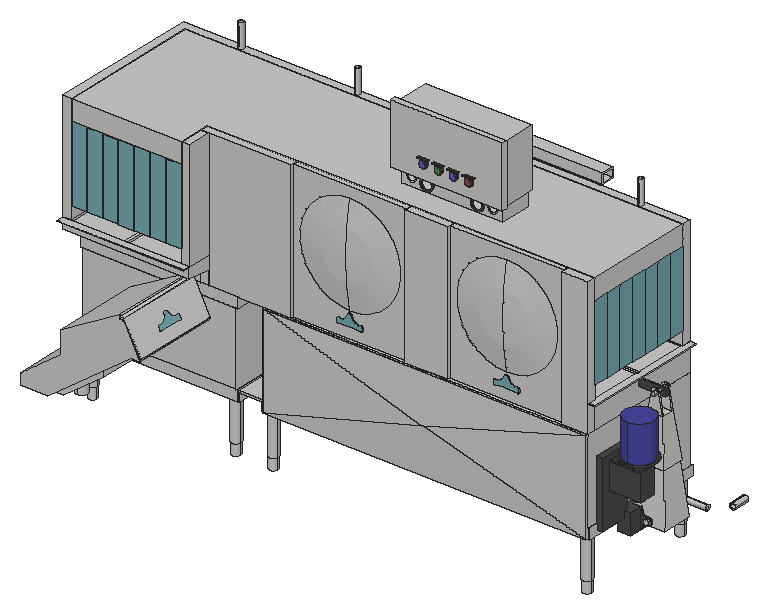
Revit family (continued)
Lines and regions (in)
  symbolic lines, visible <- "Left Vent"
    curve 62: line (-33.58127, -80.81996, 10) -> (-8.70627, -80.81996, 10)
  symbolic lines, style "QF_Clearances", visible <- "Left Vent"
    curve 63: line (-34.64377, -77.75746, 0) -> (-34.64377, -87.75746, 0)
  symbolic lines, style "QF_Surface Details"
    curve 64: line (21.3063, -57.35354, 52.4375) -> (50.3063, -57.35354, 52.4375)
    curve 65: line (50.3063, -57.35354, 52.4375) -> (45.8063, -54.85915, 52.4375)
    curve 66: line (50.3063, -57.35354, 52.4375) -> (45.8063, -59.84793, 52.4375)
Dimensions and locks (in)
  "Depth": plane 6 "FRONT" to plane 3 "BACK"
  locked: plane 2 "Left of Main Body" to plane 7 "Left of Top" at 0.25
  locked: plane 8 "Right of Top" to plane 5 "RIGHT" at 0.25
  locked: plane 8 "Right of Top" to plane 9 "Right of Ledge" at 1.5
  locked: plane 12 "Bottom of Machine" to level at 10
  "Table Height": plane 13 "Table Height" to level
  "Machine Height": plane 14 "Top of Machine" to level
  "Total Height": plane 4 "TOP" to level
  locked: plane 16 to plane 12 "Bottom of Machine" at 2
  locked: plane 13 "Table Height" to plane 15 "Panel Top" at 5.5
  locked: plane 6 "FRONT" to plane 17 at 0.5
  locked: plane 3 "BACK" to plane 18 at 0.5
  locked: plane 19 to plane 2 "Left of Main Body" at 0.25
  locked: plane 5 "RIGHT" to plane 20 at 0.25
  locked: plane 3 "BACK" to plane 21 at 1.625
  locked: plane 6 "FRONT" to plane 22 at 1.625
  equal spacing: plane 2 "Left of Main Body", plane 23 "Door Center", plane 5 "RIGHT"
  "Single Door Opening": plane 24 to plane 25
  locked: plane 14 "Top of Machine" to plane 26 "Top of Opening" at 4
  locked: plane 23 "Door Center" to Blend 6 sketch curve at 0.03125  (x2)
  locked: Extrusion 9 sketch curve to plane 22 at 1.125
  locked: plane 27 to level at 2.25
  plane 19 to Extrusion 10 sketch curve = 0' - 1 1/4"
  plane 18 to Extrusion 10 sketch curve = 0' - 1 1/2"
  locked: plane 18 to Extrusion 11 sketch curve at 1.5
  locked: plane 19 to Extrusion 11 sketch curve at 1.25
  locked: plane 18 to Extrusion 12 sketch curve at 1.5
  locked: Extrusion 12 sketch curve to plane 20 at 1.25
  locked: Extrusion 13 sketch curve to plane 20 at 1.25
  locked: plane 18 to Extrusion 13 sketch curve at 1.5
  locked: Extrusion 16 sketch curve to plane 20 at 1.25
  locked: Extrusion 16 sketch curve to plane 17 at 1.5
  locked: Extrusion 17 sketch curve to plane 20 at 1.25
  locked: Extrusion 17 sketch curve to plane 17 at 1.5
  locked: Extrusion 14 sketch curve to plane 17 at 1.5
  locked: plane 19 to Extrusion 14 sketch curve at 1.25
  locked: Extrusion 15 sketch curve to plane 17 at 1.5
  locked: plane 19 to Extrusion 15 sketch curve at 1.25
  plane 32 "Front of Lower Panel" to plane 6 "FRONT" = 0' - 6 1/2"
  locked: plane 33 to plane 32 "Front of Lower Panel" at 6
  locked: plane 34 to plane 6 "FRONT" at 6
  locked: plane 35 "Back of Panel" to plane 34 at 7
  locked: plane 34 to plane 36 "Front of Upper Panel" at 1
  locked: Extrusion 22 sketch curve to plane 28 at 5
  locked: Extrusion 22 sketch curve to plane 14 "Top of Machine" at 1.5
  locked: Extrusion 23 sketch curve to plane 28 at 2
  locked: Extrusion 23 sketch curve to plane 14 "Top of Machine" at 1.75
  locked: Extrusion 26 sketch curve to plane 29 at 5
  locked: Extrusion 26 sketch curve to plane 14 "Top of Machine" at 1.5
  locked: Extrusion 27 sketch curve to plane 29 at 2
  locked: Extrusion 27 sketch curve to plane 14 "Top of Machine" at 1.75
  Extrusion 34 sketch curve to plane 30 = 1' - 3 1/2"
  locked: Extrusion 36 sketch curve to plane 15 "Panel Top" at 4.12493
  locked: plane 39 to plane 10 "Right End Cowl" at 0.125
  locked: plane 11 to plane 40 at 3.875
  locked: plane 41 to plane 42 at 24.875
  locked: plane 42 to plane 6 "FRONT" at 0.0625
  plane 43 "Top of Vents" to plane 14 "Top of Machine" = 0' - 4"
  locked: Extrusion 41 sketch curve to plane 5 "RIGHT" at 1.375
  plane 5 "RIGHT" to Extrusion 43 sketch curve = 0' - 6 1/4"
  plane 5 "RIGHT" to Extrusion 46 sketch curve = 0' - 6 1/4"
  plane 5 "RIGHT" to Extrusion 47 sketch curve = 0' - 6 1/4"
  plane 5 "RIGHT" to Blend 45 sketch curve = 0' - 6 1/4"
  locked: Extrusion 58 sketch curve to plane 3 "BACK" at 0.75
  locked: plane 47 to plane 14 "Top of Machine" at 2
  locked: plane 46 to plane 3 "BACK" at 3
  Extrusion 61 sketch curve to plane 14 "Top of Machine" = 1' - 1"
  locked: plane 31 to Extrusion 61 sketch curve at 1
  Extrusion 62 sketch curve to plane 3 "BACK" = 0' - 3"
  locked: plane 48 to plane 3 "BACK" at 5
  locked: plane 49 to plane 14 "Top of Machine" at 29
  "Single Door Opening": plane 50 to plane 51
  locked: Extrusion 58 sketch curve to plane 5 "RIGHT" at 9
  locked: Extrusion 71 sketch curve to plane 3 "BACK" at 0.75
  locked: plane 40 to plane 39 at 2.9375
  locked: plane 5 "RIGHT" to plane 10 "Right End Cowl" at 10
  locked: plane 51 to plane 5 "RIGHT" at 5.25
  locked: plane 2 "Left of Main Body" to plane 24 at 5.25
  locked: plane 24 to plane 52 at 0.25
  locked: plane 53 to plane 25 at 0.125
  locked: plane 54 to plane 25 at 1.4375
  locked: plane 50 to plane 55 at 0.125
  locked: plane 50 to plane 56 at 1.4375
  locked: plane 57 to plane 51 at 0.25
  locked: plane 58 "LEFT" to plane 2 "Left of Main Body" at 36
  plane 58 "LEFT" to plane 5 "RIGHT" = 8' - 4"
  locked: plane 61 to plane 60 at 1.5
  locked: plane 62 to plane 60 at 0.1875
  locked: plane 60 to plane 65 at 10
  locked: plane 60 to plane 63 at 3.0625
  locked: plane 64 to plane 63 at 3.875
  locked: plane 65 to plane 66 at 0.125
  locked: plane 59 to plane 67 at 1.625
  locked: plane 59 to plane 69 at 10.125
  locked: plane 69 to plane 70 at 4
  locked: plane 59 to plane 72 at 5.5
  locked: plane 73 to plane 59 at 1
  Extrusion 62 sketch curve to plane 5 "RIGHT" = 0' - 5"
  plane 59 to Extrusion 71 sketch curve = 2' - 11.00274"
  plane 74 "Drain" to plane 3 "BACK" = 0' - 3"
  locked: plane 75 to plane 76 at 5
  locked: plane 5 "RIGHT" to plane 75 at 6
  locked: plane 77 to level at 8
  plane 68 to plane 3 "BACK" = 3' - 7"
  aligned and locked: level to plane 1
  aligned and locked: Extrusion 1 sketch curve to plane 18
  aligned and locked: Extrusion 1 sketch curve to plane 19
  aligned and locked: plane 20 to Extrusion 1 sketch curve
  aligned and locked: Extrusion 1 to plane 12 "Bottom of Machine"
  aligned and locked: plane 16 to Extrusion 1
  aligned and locked: plane 2 "Left of Main Body" to Extrusion 2 sketch curve
  aligned and locked: Extrusion 2 sketch curve to plane 5 "RIGHT"
  aligned and locked: plane 6 "FRONT" to Extrusion 2 sketch curve
  aligned and locked: plane 3 "BACK" to Extrusion 2 sketch curve
  aligned and locked: plane 15 "Panel Top" to Extrusion 2
  aligned and locked: Extrusion 2 to plane 16
  aligned and locked: plane 5 "RIGHT" to Extrusion 3 sketch curve
  aligned and locked: plane 6 "FRONT" to Extrusion 3 sketch curve
  aligned and locked: plane 9 "Right of Ledge" to Extrusion 3 sketch curve
  aligned and locked: plane 3 "BACK" to Extrusion 3 sketch curve
  aligned and locked: plane 3 "BACK" to Extrusion 4 sketch curve
  aligned and locked: Extrusion 4 sketch curve to plane 22
  aligned and locked: Extrusion 4 to plane 15 "Panel Top"
  aligned and locked: Extrusion 5 sketch curve to plane 24
  aligned and locked: plane 15 "Panel Top" to Extrusion 5 sketch curve
  aligned and locked: Extrusion 5 to plane 22
  aligned and locked: Extrusion 5 sketch curve to plane 14 "Top of Machine"
  aligned and locked: plane 2 "Left of Main Body" to Blend 6 sketch curve
  aligned and locked: plane 12 "Bottom of Machine" to Blend 6 sketch curve
  aligned and locked: Blend 6 sketch curve to plane 15 "Panel Top"
  aligned and locked: Blend 6 sketch curve to plane 5 "RIGHT"
  aligned and locked: plane 6 "FRONT" to Extrusion 1 sketch curve
  aligned and locked: plane 2 "Left of Main Body" to Extrusion 7 sketch curve
  aligned and locked: Extrusion 7 sketch curve to plane 6 "FRONT"
  aligned and locked: plane 17 to Extrusion 7 sketch curve
  aligned and locked: Extrusion 7 sketch curve to plane 5 "RIGHT"
  aligned and locked: Extrusion 7 to plane 12 "Bottom of Machine"
  aligned and locked: plane 15 "Panel Top" to Extrusion 7
  aligned and locked: Extrusion 8 sketch curve to plane 14 "Top of Machine"
  aligned and locked: Extrusion 8 sketch curve to plane 5 "RIGHT"
  aligned and locked: plane 15 "Panel Top" to Extrusion 8 sketch curve
  aligned and locked: Extrusion 8 to plane 22
  aligned and locked: Extrusion 9 sketch curve to plane 25
  aligned and locked: plane 22 to Extrusion 9 sketch curve
  aligned and locked: plane 24 to Extrusion 9 sketch curve
  aligned and locked: Extrusion 9 to plane 15 "Panel Top"
  aligned and locked: plane 27 to Extrusion 10
  aligned and locked: Extrusion 11 to plane 27
  aligned and locked: plane 12 "Bottom of Machine" to Extrusion 11
  aligned and locked: plane 22 to Extrusion 18 sketch curve
  aligned and locked: plane 5 "RIGHT" to Extrusion 18 sketch curve  (x7)
  aligned and locked: plane 21 to Extrusion 18 sketch curve
  aligned and locked: Extrusion 19 sketch curve to plane 33
  aligned and locked: plane 32 "Front of Lower Panel" to Extrusion 19 sketch curve
  aligned and locked: plane 28 to Extrusion 19 sketch curve
  aligned and locked: plane 29 to Extrusion 19 sketch curve
  aligned and locked: Extrusion 20 sketch curve to plane 35 "Back of Panel"
  aligned and locked: plane 34 to Extrusion 20 sketch curve
  aligned and locked: plane 37 to Extrusion 20 sketch curve
  aligned and locked: Extrusion 20 sketch curve to plane 38
  aligned and locked: Extrusion 21 sketch curve to plane 34
  aligned and locked: plane 36 "Front of Upper Panel" to Extrusion 21 sketch curve
  aligned and locked: plane 30 to Extrusion 21 sketch curve
  aligned and locked: Extrusion 21 sketch curve to plane 31
  aligned and locked: Extrusion 24 sketch curve to Extrusion 23  (x2)
  aligned and locked: Extrusion 25 sketch curve to Extrusion 22  (x2)
  aligned and locked: Extrusion 28 sketch curve to Extrusion 27  (x2)
  aligned and locked: Extrusion 29 sketch curve to Extrusion 26  (x2)
  aligned and locked: Extrusion 37 sketch curve to plane 14 "Top of Machine"
  aligned and locked: Extrusion 37 sketch curve to plane 6 "FRONT"
  aligned and locked: plane 22 to Extrusion 37 sketch curve
  aligned and locked: plane 21 to Extrusion 37 sketch curve
  aligned and locked: plane 3 "BACK" to Extrusion 37 sketch curve
  aligned and locked: plane 6 "FRONT" to Extrusion 38 sketch curve
  aligned and locked: Extrusion 38 sketch curve to plane 14 "Top of Machine"
  aligned and locked: plane 3 "BACK" to Extrusion 38 sketch curve
  aligned and locked: plane 21 to Extrusion 38 sketch curve
  aligned and locked: plane 26 "Top of Opening" to Extrusion 38 sketch curve
  aligned and locked: plane 22 to Extrusion 38 sketch curve
  aligned and locked: Extrusion 38 to plane 39
  aligned and locked: plane 39 to Extrusion 37
  aligned and locked: Extrusion 39 sketch curve to plane 11
  aligned and locked: plane 40 to Extrusion 39 sketch curve
  aligned and locked: plane 41 to Extrusion 39 sketch curve
  aligned and locked: Extrusion 39 sketch curve to plane 42
  aligned and locked: Extrusion 40 sketch curve to Extrusion 39  (x4)
  aligned and locked: Extrusion 44 sketch curve to Extrusion 42
  aligned and locked: Blend 45 sketch curve to Extrusion 44  (x2)
  aligned and locked: Extrusion 54 sketch curve to Extrusion 52  (x2)
  aligned and locked: Extrusion 41 to plane 5 "RIGHT"
  aligned and locked: Extrusion 48 to plane 5 "RIGHT"
  aligned: nested 1 to cut or joined group of Extrusion 37, Extrusion 40
  aligned and locked: plane 11 to nested 1
  aligned and locked: plane 40 to nested 1
  aligned and locked: plane 42 to nested 1
  aligned and locked: nested 1 to plane 41
  aligned and locked: Extrusion 59 to plane 44
  aligned and locked: Extrusion 59 to plane 45
  aligned and locked: Extrusion 60 to plane 45
  aligned and locked: Extrusion 60 to plane 44
  aligned and locked: plane 3 "BACK" to curve 1
  aligned and locked: curve 3 to plane 5 "RIGHT"
  aligned and locked: plane 6 "FRONT" to curve 2
  aligned and locked: curve 5 to plane 10 "Right End Cowl"
  aligned and locked: plane 44 to curve 7
  aligned and locked: plane 45 to curve 9
  aligned and locked: curve 8 to plane 46
  aligned and locked: plane 9 "Right of Ledge" to curve 10
  aligned and locked: curve 11 to plane 35 "Back of Panel"
  aligned and locked: plane 34 to curve 13
  aligned and locked: plane 37 to curve 12
  aligned and locked: curve 14 to plane 38
  aligned and locked: plane 30 to curve 18
  aligned and locked: plane 36 "Front of Upper Panel" to curve 17
  aligned and locked: curve 16 to plane 31
  aligned and locked: plane 42 to curve 22
  aligned and locked: curve 23 to plane 40
  aligned and locked: plane 11 to curve 21
  aligned and locked: curve 20 to plane 41
  aligned and locked: Extrusion 63 sketch curve to plane 18  (x2)
  aligned and locked: plane 48 to Extrusion 63 sketch curve
  aligned and locked: plane 45 to Extrusion 63 sketch curve
  aligned and locked: Extrusion 63 sketch curve to plane 46
  aligned and locked: plane 44 to Extrusion 63 sketch curve
  aligned: plane 43 "Top of Vents" to Extrusion 63
  aligned and locked: plane 4 "TOP" to Extrusion 63
  aligned and locked: plane 14 "Top of Machine" to Extrusion 64 sketch curve
  aligned and locked: Extrusion 64 sketch curve to plane 25
  aligned and locked: plane 24 to Extrusion 64 sketch curve
  aligned and locked: Extrusion 64 sketch curve to plane 49
  aligned and locked: Extrusion 64 to plane 22
  aligned and locked: Extrusion 63 sketch curve to plane 9 "Right of Ledge"
  aligned and locked: Extrusion 65 sketch curve to plane 48
  aligned and locked: Extrusion 65 sketch curve to plane 9 "Right of Ledge"
  aligned and locked: plane 18 to Extrusion 65 sketch curve
  aligned and locked: Extrusion 65 sketch curve to plane 10 "Right End Cowl"
  aligned and locked: plane 4 "TOP" to Extrusion 65
  aligned and locked: curve 26 to plane 10 "Right End Cowl"
  aligned and locked: curve 25 to plane 48
  aligned and locked: Extrusion 67 sketch curve to plane 51
  aligned and locked: plane 50 to Extrusion 67 sketch curve
  aligned and locked: Extrusion 68 sketch curve to plane 51
  aligned and locked: plane 50 to Extrusion 68 sketch curve
  aligned and locked: plane 51 to Extrusion 8 sketch curve
  aligned and locked: plane 25 to Extrusion 70 sketch curve
  aligned and locked: Extrusion 70 sketch curve to plane 50
  aligned and locked: Extrusion 70 sketch curve to plane 14 "Top of Machine"
  aligned and locked: plane 15 "Panel Top" to Extrusion 70 sketch curve
  aligned and locked: Extrusion 70 to plane 22
  aligned and locked: Extrusion 70 to plane 6 "FRONT"
  aligned and locked: Extrusion 72 sketch curve to Extrusion 62  (x2)
  aligned and locked: plane 22 to Extrusion 74 sketch curve
  aligned and locked: plane 52 to Extrusion 74 sketch curve
  aligned and locked: plane 6 "FRONT" to Extrusion 74 sketch curve
  aligned and locked: Extrusion 74 sketch curve to plane 53
  aligned and locked: plane 55 to Extrusion 75 sketch curve
  aligned and locked: Extrusion 75 sketch curve to plane 57
  aligned and locked: plane 22 to Extrusion 75 sketch curve
  aligned and locked: plane 6 "FRONT" to Extrusion 75 sketch curve
  aligned and locked: Extrusion 74 to plane 15 "Panel Top"
  aligned and locked: Extrusion 75 to plane 15 "Panel Top"
  aligned and locked: plane 24 to curve 38
  aligned and locked: plane 51 to curve 43
  aligned and locked: plane 59 to Extrusion 91 sketch curve
  aligned and locked: plane 60 to Extrusion 84 sketch curve
  aligned and locked: plane 59 to Extrusion 84 sketch curve
  aligned and locked: Extrusion 84 sketch curve to plane 67
  aligned and locked: plane 59 to Extrusion 82 sketch curve
  aligned and locked: plane 67 to Extrusion 82 sketch curve
  aligned and locked: Extrusion 82 sketch curve to plane 60
  aligned and locked: plane 60 to Extrusion 94 sketch curve
  aligned and locked: Extrusion 83 sketch curve to plane 60
  aligned and locked: plane 69 to Extrusion 104 sketch curve
  aligned and locked: Extrusion 104 sketch curve to plane 70
  aligned and locked: Extrusion 110 sketch curve to Extrusion 109  (x2)
  aligned and locked: plane 60 to Extrusion 114 sketch curve
  aligned and locked: plane 73 to Extrusion 114 sketch curve
  aligned and locked: cut or joined group of Extrusion 37, Extrusion 40 to plane 5 "RIGHT"
  aligned and locked: plane 68 to Extrusion 105
  aligned and locked: plane 68 to Extrusion 107
Automatic sketch dimensions
  Extrusion 30 sketch curve to Extrusion 30 sketch curve = 0' - 1"  (x3)
  Extrusion 30 sketch curve to Extrusion 30 sketch curve = 0' - 0 1/4"  (x5)
  Extrusion 30 sketch curve to Extrusion 30 sketch curve = 0' - 0"  (x2)
  Extrusion 35 sketch curve to Extrusion 35 sketch curve = 0' - 1 1/2"  (x3)
  Extrusion 35 sketch curve to Extrusion 35 sketch curve = 0' - 0 3/4"  (x4)
  Extrusion 35 sketch curve to Extrusion 35 sketch curve = 0' - 0"  (x3)
  Extrusion 35 sketch curve to Extrusion 35 sketch curve = 0' - 0 7/8"  (x4)
  Extrusion 30 sketch curve to Extrusion 30 sketch curve = 0' - 2"  (x4)
  Extrusion 117 sketch curve to Extrusion 117 sketch curve = 0' - 1"  (x3)
  Extrusion 117 sketch curve to Extrusion 117 sketch curve = 0' - 0 1/4"  (x5)
  Extrusion 117 sketch curve to Extrusion 117 sketch curve = 0' - 0"  (x2)
  Extrusion 122 sketch curve to Extrusion 122 sketch curve = 0' - 1 1/2"  (x3)
  Extrusion 122 sketch curve to Extrusion 122 sketch curve = 0' - 0 3/4"  (x4)
  Extrusion 122 sketch curve to Extrusion 122 sketch curve = 0' - 0"  (x3)
  Extrusion 122 sketch curve to Extrusion 122 sketch curve = 0' - 0 7/8"  (x4)
  Extrusion 117 sketch curve to Extrusion 117 sketch curve = 0' - 2"  (x4)
  curve 24 to plane 73 = 0' - 0"
  curve 49 to plane 59 = 0' - 0"
  plane 68 to curve 52 = 0' - 0"
  plane 65 to curve 50 = 0' - 0"
  plane 63 to curve 50 = 0' - 0"
  plane 65 to curve 55 = 0' - 0"
  plane 63 to curve 55 = 0' - 0"
  plane 61 to curve 49 = 0' - 0"
  curve 48 to plane 60 = 0' - 0"
  plane 22 to curve 27 = 0' - 0"
  curve 27 to plane 24 = 0' - 0"
  curve 28 to plane 25 = 0' - 0"
  plane 22 to curve 32 = 0' - 0"
  curve 32 to plane 50 = 0' - 0"
  curve 34 to plane 51 = 0' - 0"
  curve 25 to plane 9 "Right of Ledge" = 0' - 0"
  plane 65 to curve 63 = 0' - 0"
  curve 63 to plane 60 = 0' - 0"
  curve 29 to plane 6 "FRONT" = 0' - 0"
  curve 33 to plane 6 "FRONT" = 0' - 0"
  curve 27 to plane 6 "FRONT" = 0' - 0"
  curve 31 to plane 6 "FRONT" = 0' - 0"
  curve 26 to plane 18 = 0' - 0"
  plane 67 to curve 52 = 0' - 0 1/2"
  curve 55 to plane 70 = 0' - 7.65172"
  curve 55 to curve 49 = 0' - 3.22328"
  curve 54 to curve 53 = 0' - 4.14695"
  curve 53 to plane 17 = 0' - 0.31996"
  curve 47 to plane 6 "FRONT" = 0' - 0.00746"
  plane 42 to curve 34 = 0' - 0 7/16"
  plane 42 to curve 30 = 0' - 0 7/16"
  plane 3 "BACK" to curve 46 = 0' - 0.00746"
  Extrusion 4 sketch curve to plane 6 "FRONT" = 0' - 0"
  Extrusion 4 sketch curve to plane 5 "RIGHT" = 0' - 0"
  Extrusion 4 sketch curve to plane 58 "LEFT" = 0' - 0"
  plane 19 to Extrusion 4 sketch curve = 0' - 10.72149"
  plane 19 to Extrusion 5 sketch curve = 1' - 0.34649"
  plane 16 to Blend 6 sketch curve = 0' - 7 7/32"
  Blend 6 sketch curve to Blend 6 sketch curve = 0' - 0 1/16"
  Extrusion 18 sketch curve to plane 36 "Front of Upper Panel" = 0' - 0 3/8"
  Extrusion 18 sketch curve to Extrusion 18 sketch curve = 0' - 0 1/8"  (x6)
  plane 32 "Front of Lower Panel" to Extrusion 18 sketch curve = 0' - 1 1/4"
  Extrusion 18 sketch curve to plane 33 = 0' - 1 5/8"
  Extrusion 18 sketch curve to plane 5 "RIGHT" = 0' - 0 1/8"  (x7)
  plane 35 "Back of Panel" to Extrusion 18 sketch curve = 0' - 1"
  Extrusion 18 sketch curve to Extrusion 18 sketch curve = 0' - 3"  (x2)
  Extrusion 22 sketch curve to Extrusion 22 sketch curve = 0' - 0"  (x2)
  Extrusion 23 sketch curve to Extrusion 23 sketch curve = 0' - 0"  (x2)
  Extrusion 26 sketch curve to Extrusion 26 sketch curve = 0' - 0"  (x2)
  Extrusion 27 sketch curve to Extrusion 27 sketch curve = 0' - 0"  (x2)
  plane 44 to Extrusion 36 sketch curve = 0' - 1.49793"
  Extrusion 36 sketch curve to Extrusion 36 sketch curve = 0' - 0.25142"  (x2)
  Extrusion 36 sketch curve to Extrusion 36 sketch curve = 0' - 0.25483"
  plane 44 to Extrusion 36 sketch curve = 0' - 0.94306"
  Extrusion 36 sketch curve to plane 44 = 0' - 0.38874"
  Extrusion 36 sketch curve to plane 44 = 0' - 0.58031"
  Extrusion 36 sketch curve to Extrusion 36 sketch curve = 0' - 0.41934"
  Extrusion 36 sketch curve to plane 44 = 0' - 1"
  Extrusion 36 sketch curve to Extrusion 36 sketch curve = 0' - 0.42496"
  Extrusion 36 sketch curve to Extrusion 36 sketch curve = 0' - 0"
  Extrusion 36 sketch curve to Extrusion 36 sketch curve = 0' - 1.22253"
  Extrusion 36 sketch curve to Extrusion 36 sketch curve = 0' - 1.51845"
  Extrusion 36 sketch curve to Extrusion 36 sketch curve = 0' - 1.63184"
  Extrusion 36 sketch curve to Extrusion 36 sketch curve = 0' - 0.00341"
  Extrusion 36 sketch curve to plane 13 "Table Height" = 0' - 2.43574"  (x2)
  Extrusion 36 sketch curve to Extrusion 36 sketch curve = 0' - 0.48493"  (x2)
  Extrusion 36 sketch curve to Extrusion 36 sketch curve = 0' - 0.08323"
  plane 16 to Extrusion 36 sketch curve = 0' - 6.6719"
  Extrusion 37 sketch curve to plane 41 = 0' - 0 1/16"
  plane 42 to Extrusion 37 sketch curve = 0' - 0 1/16"
  Extrusion 37 sketch curve to plane 14 "Top of Machine" = 0' - 0 1/8"
  Extrusion 37 sketch curve to plane 26 "Top of Opening" = 0' - 0.88572"
  Extrusion 37 sketch curve to Extrusion 37 sketch curve = 0' - 0.05178"  (x2)
  Extrusion 37 sketch curve to Extrusion 37 sketch curve = 0' - 1 1/2"  (x2)
  Extrusion 37 sketch curve to Extrusion 37 sketch curve = 0' - 0.17678"  (x2)
  plane 13 "Table Height" to Extrusion 37 sketch curve = 0' - 5.17678"
  Extrusion 38 sketch curve to plane 26 "Top of Opening" = 0' - 0 15/16"
  Extrusion 38 sketch curve to Extrusion 38 sketch curve = 0' - 1 5/8"  (x2)
  plane 13 "Table Height" to Extrusion 38 sketch curve = 0' - 5 1/8"
  Extrusion 39 sketch curve to plane 42 = 0' - 0 1/8"
  plane 41 to Extrusion 39 sketch curve = 0' - 0 1/8"
  Extrusion 39 sketch curve to plane 11 = 0' - 0 1/8"
  plane 40 to Extrusion 39 sketch curve = 0' - 0 1/8"
  plane 20 to Extrusion 41 sketch curve = 0' - 0"
  Extrusion 41 sketch curve to plane 5 "RIGHT" = 0' - 0"
  Extrusion 41 sketch curve to plane 16 = 0' - 0"
  plane 12 "Bottom of Machine" to Extrusion 41 sketch curve = 0' - 0 15/16"
  Extrusion 41 sketch curve to plane 15 "Panel Top" = 0' - 4 9/16"
  Extrusion 42 sketch curve to plane 22 = 0' - 1 5/8"
  Extrusion 42 sketch curve to plane 40 = 0' - 0 11/16"  (x2)
  Extrusion 42 sketch curve to plane 36 "Front of Upper Panel" = 0' - 1 1/2"
  Extrusion 42 sketch curve to plane 36 "Front of Upper Panel" = 0' - 0 3/16"
  Extrusion 42 sketch curve to plane 32 "Front of Lower Panel" = 0' - 0 1/8"
  plane 40 to Extrusion 42 sketch curve = 0' - 0 15/16"
  Extrusion 42 sketch curve to plane 9 "Right of Ledge" = 0' - 0 3/8"
  Extrusion 42 sketch curve to plane 9 "Right of Ledge" = 0' - 0 1/8"
  Extrusion 43 sketch curve to plane 36 "Front of Upper Panel" = 0' - 0 3/16"
  Blend 45 sketch curve to plane 36 "Front of Upper Panel" = 0' - 0 3/16"
  Extrusion 46 sketch curve to plane 36 "Front of Upper Panel" = 0' - 0 3/16"
  Extrusion 47 sketch curve to plane 36 "Front of Upper Panel" = 0' - 0 3/16"
  Extrusion 48 sketch curve to plane 5 "RIGHT" = 0' - 0"
  plane 11 to Extrusion 48 sketch curve = 0' - 1 3/16"
  Extrusion 48 sketch curve to plane 40 = 0' - 1 7/16"
  Extrusion 48 sketch curve to plane 13 "Table Height" = 0' - 2 5/16"
  Extrusion 48 sketch curve to Extrusion 48 sketch curve = 0' - 0 3/4"
  Extrusion 48 sketch curve to plane 13 "Table Height" = 0' - 0 13/16"
  Extrusion 49 sketch curve to plane 16 = 0' - 0"
  plane 20 to Extrusion 49 sketch curve = 0' - 0"
  Extrusion 49 sketch curve to plane 5 "RIGHT" = 0' - 0"
  Extrusion 49 sketch curve to plane 11 = 0' - 0 5/16"
  Extrusion 49 sketch curve to plane 12 "Bottom of Machine" = 0' - 1 9/16"
  Extrusion 49 sketch curve to Extrusion 49 sketch curve = 0' - 0 7/16"
  Extrusion 50 sketch curve to Extrusion 50 sketch curve = 0' - 0"  (x2)
  plane 12 "Bottom of Machine" to Extrusion 50 sketch curve = 0' - 0 7/16"
  plane 11 to Extrusion 50 sketch curve = 0' - 1 3/16"
  plane 11 to Extrusion 50 sketch curve = 0' - 0 9/16"  (x2)
  Extrusion 50 sketch curve to plane 12 "Bottom of Machine" = 0' - 0 5/16"
  plane 11 to Extrusion 50 sketch curve = 0' - 0 3/16"  (x2)
  Extrusion 50 sketch curve to plane 11 = 0' - 0 1/16"  (x2)
  Extrusion 50 sketch curve to Extrusion 50 sketch curve = 0' - 0 1/4"
  Extrusion 50 sketch curve to Extrusion 50 sketch curve = 0' - 0 5/16"
  Extrusion 50 sketch curve to plane 16 = 0' - 0 1/8"
  Extrusion 51 sketch curve to Extrusion 51 sketch curve = 0' - 0"  (x2)
  plane 12 "Bottom of Machine" to Extrusion 51 sketch curve = 0' - 0 7/16"
  plane 11 to Extrusion 51 sketch curve = 0' - 1 3/16"
  plane 11 to Extrusion 51 sketch curve = 0' - 0 9/16"  (x2)
  Extrusion 51 sketch curve to plane 12 "Bottom of Machine" = 0' - 0 5/16"
  plane 11 to Extrusion 51 sketch curve = 0' - 0 3/16"  (x2)
  Extrusion 51 sketch curve to plane 11 = 0' - 0 1/16"  (x2)
  Extrusion 51 sketch curve to Extrusion 51 sketch curve = 0' - 0 1/4"
  Extrusion 51 sketch curve to Extrusion 51 sketch curve = 0' - 0 5/16"
  Extrusion 51 sketch curve to plane 16 = 0' - 0 1/8"
  Extrusion 52 sketch curve to Extrusion 52 sketch curve = 0' - 0"  (x6)
  plane 15 "Panel Top" to Extrusion 52 sketch curve = 0' - 0 3/16"
  Extrusion 52 sketch curve to plane 40 = 0' - 1 1/4"
  plane 11 to Extrusion 52 sketch curve = 0' - 1.92562"
  Extrusion 52 sketch curve to Extrusion 52 sketch curve = 0' - 0.36312"  (x2)
  Extrusion 52 sketch curve to Extrusion 52 sketch curve = 0' - 0 3/8"
  Extrusion 52 sketch curve to plane 11 = 0' - 0 1/4"
  Extrusion 52 sketch curve to plane 13 "Table Height" = 0' - 1 9/16"
  Extrusion 52 sketch curve to Extrusion 52 sketch curve = 0' - 0.13295"
  Extrusion 53 sketch curve to Extrusion 53 sketch curve = 0' - 0"  (x6)
  plane 15 "Panel Top" to Extrusion 53 sketch curve = 0' - 0 3/16"
  Extrusion 53 sketch curve to plane 40 = 0' - 1 1/4"
  plane 11 to Extrusion 53 sketch curve = 0' - 1.92562"
  Extrusion 53 sketch curve to Extrusion 53 sketch curve = 0' - 0.36312"  (x2)
  Extrusion 53 sketch curve to Extrusion 53 sketch curve = 0' - 0 3/8"
  Extrusion 53 sketch curve to plane 11 = 0' - 0 1/4"
  Extrusion 53 sketch curve to plane 13 "Table Height" = 0' - 1 9/16"
  Extrusion 53 sketch curve to Extrusion 53 sketch curve = 0' - 0.13295"
  Blend 55 sketch curve to plane 9 "Right of Ledge" = 0' - 0 5/16"
  Blend 55 sketch curve to plane 33 = 0' - 2 1/4"
  plane 35 "Back of Panel" to Blend 55 sketch curve = 0' - 1 3/4"
  Blend 55 sketch curve to plane 40 = 0' - 0 1/4"
  Blend 55 sketch curve to plane 11 = 0' - 0 1/4"
  Blend 55 sketch curve to plane 33 = 0' - 1 1/4"
  plane 35 "Back of Panel" to Blend 55 sketch curve = 0' - 0 3/4"
  Blend 55 sketch curve to plane 40 = 0' - 1 1/4"
  plane 40 to Blend 56 sketch curve = 0' - 0 1/2"
  plane 32 "Front of Lower Panel" to Blend 56 sketch curve = 0' - 3"
  plane 35 "Back of Panel" to Blend 56 sketch curve = 0' - 2 1/2"
  plane 9 "Right of Ledge" to Blend 56 sketch curve = 0' - 0 7/16"
  Blend 56 sketch curve to plane 9 "Right of Ledge" = 0' - 0 9/16"
  Blend 56 sketch curve to plane 33 = 0' - 2"
  plane 35 "Back of Panel" to Blend 56 sketch curve = 0' - 1 1/2"
  Blend 56 sketch curve to plane 40 = 0' - 0 1/2"
  Extrusion 57 sketch curve to Extrusion 57 sketch curve = 0' - 0"  (x2)
  plane 12 "Bottom of Machine" to Extrusion 57 sketch curve = 0' - 0 7/16"
  plane 11 to Extrusion 57 sketch curve = 0' - 1 11/16"
  Extrusion 57 sketch curve to Extrusion 57 sketch curve = 0' - 0 1/2"
  Extrusion 58 sketch curve to Extrusion 58 sketch curve = 0' - 0"  (x2)
  Extrusion 59 sketch curve to plane 47 = 0' - 0"
  Extrusion 59 sketch curve to plane 14 "Top of Machine" = 0' - 0"
  Extrusion 59 sketch curve to plane 46 = 0' - 0"
  Extrusion 59 sketch curve to plane 46 = 0' - 0 1/8"
  Extrusion 59 sketch curve to plane 18 = 0' - 0 1/8"
  Extrusion 59 sketch curve to Extrusion 59 sketch curve = 0' - 0 1/8"
  plane 14 "Top of Machine" to Extrusion 59 sketch curve = 0' - 0 1/8"
  Extrusion 59 sketch curve to plane 47 = 0' - 0 1/8"
  Extrusion 60 sketch curve to plane 3 "BACK" = 0' - 0"
  Extrusion 60 sketch curve to plane 14 "Top of Machine" = 0' - 0"
  Extrusion 60 sketch curve to plane 3 "BACK" = 0' - 0 1/4"
  Extrusion 60 sketch curve to Extrusion 60 sketch curve = 0' - 0 1/8"
  Extrusion 62 sketch curve to Extrusion 62 sketch curve = 0' - 0"  (x2)
  curve 6 to plane 6 "FRONT" = 0' - 0"
  plane 3 "BACK" to curve 5 = 0' - 0"
  curve 2 to plane 9 "Right of Ledge" = 0' - 0"
  curve 1 to plane 58 "LEFT" = 0' - 0"
  plane 19 to curve 2 = 0' - 10 3/4"
  Extrusion 63 sketch curve to plane 73 = 0' - 0"
  Revolve 66 sketch curve to plane 17 = 0' - 0"
  Revolve 66 sketch curve to plane 64 = 0' - 0.44496"
  plane 42 to Revolve 66 sketch curve = 0' - 0 7/16"
  plane 32 "Front of Lower Panel" to Revolve 66 sketch curve = 0' - 2 3/4"
  Revolve 66 sketch curve to plane 26 "Top of Opening" = 0' - 7.74993"
  plane 48 to Revolve 66 sketch curve = 1' - 5.49935"
  Revolve 66 sketch curve to plane 26 "Top of Opening" = 0' - 8"  (x2)
  plane 22 to Extrusion 67 sketch curve = 0' - 0"
  plane 42 to Extrusion 67 sketch curve = 0' - 0 7/16"
  Extrusion 68 sketch curve to plane 14 "Top of Machine" = 0' - 0"
  Extrusion 68 sketch curve to plane 49 = 0' - 0"
  Revolve 69 sketch curve to plane 17 = 0' - 0"
  Revolve 69 sketch curve to plane 64 = 0' - 0.44496"
  plane 42 to Revolve 69 sketch curve = 0' - 0 7/16"
  plane 32 "Front of Lower Panel" to Revolve 69 sketch curve = 0' - 2 3/4"
  Revolve 69 sketch curve to plane 26 "Top of Opening" = 0' - 7.74993"
  plane 48 to Revolve 69 sketch curve = 1' - 5.49935"
  Revolve 69 sketch curve to plane 26 "Top of Opening" = 0' - 8"  (x2)
  Extrusion 71 sketch curve to Extrusion 71 sketch curve = 0' - 0"  (x2)
  Extrusion 73 sketch curve to plane 45 = 0' - 3.49793"
  Extrusion 73 sketch curve to Extrusion 73 sketch curve = 0' - 0.25142"  (x2)
  Extrusion 73 sketch curve to Extrusion 73 sketch curve = 0' - 0.25483"
  Extrusion 73 sketch curve to Extrusion 73 sketch curve = 0' - 0.30345"
  Extrusion 73 sketch curve to plane 45 = 0' - 1.61126"
  Extrusion 73 sketch curve to plane 45 = 0' - 1.41969"
  Extrusion 73 sketch curve to Extrusion 73 sketch curve = 0' - 0.41934"
  Extrusion 73 sketch curve to plane 45 = 0' - 1"
  Extrusion 73 sketch curve to Extrusion 73 sketch curve = 0' - 0.42496"
  Extrusion 73 sketch curve to Extrusion 73 sketch curve = 0' - 0"
  Extrusion 73 sketch curve to plane 45 = 0' - 0.38874"
  plane 45 to Extrusion 73 sketch curve = 0' - 0.94306"
  plane 45 to Extrusion 73 sketch curve = 0' - 1.2431"
  Extrusion 73 sketch curve to Extrusion 73 sketch curve = 0' - 0.00341"
  plane 16 to Extrusion 73 sketch curve = 0' - 6.6719"
  plane 15 "Panel Top" to Extrusion 73 sketch curve = 0' - 2.07309"  (x2)
  Extrusion 73 sketch curve to Extrusion 73 sketch curve = 0' - 0.08323"
  Extrusion 73 sketch curve to Extrusion 73 sketch curve = 0' - 0.48493"  (x2)
  Extrusion 73 sketch curve to plane 13 "Table Height" = 0' - 1.37507"
  Extrusion 76 sketch curve to plane 24 = 0' - 0"
  Extrusion 76 sketch curve to plane 6 "FRONT" = 0' - 0 1/4"
  Extrusion 77 sketch curve to plane 24 = 0' - 0"
  Extrusion 77 sketch curve to plane 6 "FRONT" = 0' - 0 1/4"
  Sweep 78 sketch curve to plane 6 "FRONT" = 0' - 0"  (x2)
  Sweep 78 sketch curve to plane 17 = 0' - 0 1/8"  (x2)
  Sweep 78 sketch curve to Sweep 78 sketch curve = 0' - 0 1/2"
  plane 13 "Table Height" to Sweep 78 sketch curve = 0' - 3 13/16"
  Sweep 78 sketch curve to plane 26 "Top of Opening" = 0' - 4 15/16"
  Sweep 78 sketch curve to plane 54 = 0' - 0"
  Sweep 78 sketch curve to profile plane = 0' - 0"
  curve 37 to plane 54 = 0' - 0"
  curve 42 to plane 56 = 0' - 0"
  curve 40 to plane 6 "FRONT" = 0' - 0"
  curve 39 to plane 6 "FRONT" = 0' - 0"
  curve 38 to plane 6 "FRONT" = 0' - 0"
  curve 36 to plane 6 "FRONT" = 0' - 0"
  curve 41 to plane 6 "FRONT" = 0' - 0"
  curve 43 to plane 6 "FRONT" = 0' - 0"
  curve 44 to plane 6 "FRONT" = 0' - 0"
  curve 35 to plane 6 "FRONT" = 0' - 0"
  curve 44 to plane 50 = 0' - 0"
  curve 39 to plane 25 = 0' - 0"
  curve 37 to plane 17 = 0' - 0 5/8"
  curve 42 to plane 17 = 0' - 0 5/8"
  plane 56 to curve 40 = 0' - 0 3/8"
  plane 54 to curve 36 = 0' - 0 3/8"
  Extrusion 79 sketch curve to plane 51 = 0' - 0"
  Extrusion 79 sketch curve to plane 6 "FRONT" = 0' - 0 1/4"
  Extrusion 80 sketch curve to plane 51 = 0' - 0"
  Extrusion 80 sketch curve to plane 6 "FRONT" = 0' - 0 1/4"
  Sweep 81 sketch curve to plane 6 "FRONT" = 0' - 0"  (x2)
  Sweep 81 sketch curve to plane 17 = 0' - 0 1/8"  (x2)
  Sweep 81 sketch curve to Sweep 81 sketch curve = 0' - 0 1/2"
  plane 13 "Table Height" to Sweep 81 sketch curve = 0' - 3 13/16"
  Sweep 81 sketch curve to plane 26 "Top of Opening" = 0' - 4 15/16"
  Sweep 81 sketch curve to plane 56 = 0' - 0"
  Sweep 81 sketch curve to profile plane = 0' - 0"
  Extrusion 82 sketch curve to Extrusion 82 sketch curve = 0' - 0"  (x2)
  Extrusion 82 sketch curve to plane 60 = 0' - 0"
  Extrusion 82 sketch curve to plane 5 "RIGHT" = 0' - 0"  (x2)
  plane 32 "Front of Lower Panel" to Extrusion 82 sketch curve = 0' - 2.74254"
  Extrusion 82 sketch curve to plane 33 = 0' - 0.25746"
  plane 33 to Extrusion 82 sketch curve = 0' - 0.24254"
  Extrusion 82 sketch curve to plane 21 = 0' - 0.00746"
  plane 3 "BACK" to Extrusion 82 sketch curve = 0' - 0.00746"
  Extrusion 82 sketch curve to plane 70 = 0' - 1 5/8"
  Extrusion 83 sketch curve to plane 5 "RIGHT" = 0' - 0"
  Extrusion 83 sketch curve to plane 67 = 0' - 0"
  plane 22 to Extrusion 83 sketch curve = 0' - 0.00746"
  Extrusion 83 sketch curve to plane 21 = 0' - 0.00746"
  Extrusion 83 sketch curve to plane 70 = 0' - 9 1/4"
  Extrusion 84 sketch curve to plane 5 "RIGHT" = 0' - 0"
  Extrusion 84 sketch curve to plane 21 = 0' - 0.00746"
  plane 3 "BACK" to Extrusion 84 sketch curve = 0' - 0.00746"
  Extrusion 85 sketch curve to plane 60 = 0' - 0"
  plane 61 to Extrusion 85 sketch curve = 0' - 0"
  Extrusion 85 sketch curve to plane 59 = 0' - 0"
  plane 19 to Extrusion 85 sketch curve = 0' - 10.72149"
  Extrusion 86 sketch curve to plane 14 "Top of Machine" = 0' - 0"
  Extrusion 86 sketch curve to plane 67 = 0' - 0"
  Extrusion 86 sketch curve to plane 59 = 0' - 0"
  plane 13 "Table Height" to Extrusion 86 sketch curve = 0' - 3 1/2"
  Extrusion 86 sketch curve to plane 70 = 0' - 9 1/4"
  Extrusion 86 sketch curve to plane 14 "Top of Machine" = 0' - 0 1/8"
  Extrusion 86 sketch curve to plane 70 = 0' - 10 3/4"
  Extrusion 86 sketch curve to Extrusion 86 sketch curve = 0' - 0 1/8"
  plane 59 to Extrusion 86 sketch curve = 0' - 0 1/8"
  Extrusion 86 sketch curve to Extrusion 86 sketch curve = 0' - 0.17678"  (x2)
  Extrusion 86 sketch curve to Extrusion 86 sketch curve = 0' - 1.44822"
  Extrusion 86 sketch curve to Extrusion 86 sketch curve = 0' - 0.05178"  (x2)
  Extrusion 86 sketch curve to plane 26 "Top of Opening" = 0' - 2 9/16"
  Extrusion 86 sketch curve to plane 26 "Top of Opening" = 0' - 0 15/16"
  Extrusion 87 sketch curve to plane 14 "Top of Machine" = 0' - 0"
  Extrusion 87 sketch curve to plane 26 "Top of Opening" = 0' - 0"
  Extrusion 87 sketch curve to plane 67 = 0' - 0"
  Extrusion 87 sketch curve to plane 59 = 0' - 0"
  plane 13 "Table Height" to Extrusion 87 sketch curve = 0' - 3 1/2"
  Extrusion 87 sketch curve to plane 70 = 0' - 9 1/4"
  Extrusion 87 sketch curve to Extrusion 87 sketch curve = 0' - 1 5/8"  (x2)
  Extrusion 87 sketch curve to plane 26 "Top of Opening" = 0' - 2 9/16"
  Extrusion 87 sketch curve to plane 26 "Top of Opening" = 0' - 0 15/16"
  plane 63 to Extrusion 88 sketch curve = 0' - 0"
  plane 64 to Extrusion 88 sketch curve = 0' - 0"
  plane 19 to Extrusion 88 sketch curve = 0' - 10.78399"
  Extrusion 88 sketch curve to Extrusion 88 sketch curve = 0' - 0 1/8"
  plane 59 to Extrusion 88 sketch curve = 0' - 0 3/16"
  plane 59 to Extrusion 88 sketch curve = 0' - 0 1/16"
  plane 63 to Extrusion 88 sketch curve = 0' - 0 1/8"
  Extrusion 88 sketch curve to plane 64 = 0' - 0 1/8"
  Extrusion 89 sketch curve to plane 6 "FRONT" = 0' - 0.00746"
  Extrusion 89 sketch curve to plane 18 = 0' - 0.00746"
  plane 19 to Extrusion 89 sketch curve = 0' - 4.97149"
  Extrusion 89 sketch curve to plane 58 "LEFT" = 0' - 0.34649"
  Extrusion 90 sketch curve to plane 6 "FRONT" = 0' - 0.00746"
  Extrusion 90 sketch curve to plane 18 = 0' - 0.00746"
  plane 19 to Extrusion 90 sketch curve = 0' - 4.97149"
  Extrusion 90 sketch curve to plane 58 "LEFT" = 0' - 0.34649"
  Extrusion 91 sketch curve to plane 6 "FRONT" = 0' - 0.00746"
  plane 3 "BACK" to Extrusion 91 sketch curve = 0' - 0.00746"
  plane 19 to Extrusion 91 sketch curve = 0' - 5.34649"
  Extrusion 92 sketch curve to plane 60 = 0' - 0"  (x7)
  Extrusion 92 sketch curve to plane 70 = 0' - 0"
  Extrusion 92 sketch curve to plane 67 = 0' - 0"
  Extrusion 92 sketch curve to plane 60 = 0' - 0 1/8"  (x6)
  plane 70 to Extrusion 92 sketch curve = 0' - 3"
  Extrusion 92 sketch curve to Extrusion 92 sketch curve = 0' - 0 1/8"  (x6)
  Extrusion 92 sketch curve to Extrusion 92 sketch curve = 0' - 3"  (x2)
  plane 69 to Extrusion 92 sketch curve = 0' - 0 7/8"
  Extrusion 92 sketch curve to plane 69 = 0' - 2 1/4"
  plane 72 to Extrusion 92 sketch curve = 0' - 0 3/4"
  Extrusion 92 sketch curve to Extrusion 92 sketch curve = 0' - 0"
  Extrusion 93 sketch curve to plane 62 = 0' - 0"
  Extrusion 93 sketch curve to plane 6 "FRONT" = 0' - 0"
  Extrusion 93 sketch curve to plane 13 "Table Height" = 0' - 2 3/4"
  Extrusion 93 sketch curve to plane 13 "Table Height" = 0' - 2 1/8"
  Extrusion 93 sketch curve to plane 13 "Table Height" = 0' - 0 1/4"
  Extrusion 94 sketch curve to plane 6 "FRONT" = 0' - 0.00746"
  plane 19 to Extrusion 94 sketch curve = 0' - 10.72149"
  Extrusion 94 sketch curve to Extrusion 94 sketch curve = 0' - 1 5/8"
  plane 21 to Extrusion 95 sketch curve = 0' - 0.61754"
  plane 19 to Extrusion 95 sketch curve = 0' - 6.09649"
  plane 21 to Extrusion 96 sketch curve = 0' - 0.61754"
  plane 19 to Extrusion 96 sketch curve = 0' - 6.09649"
  Extrusion 97 sketch curve to plane 22 = 0' - 0.63246"
  Extrusion 97 sketch curve to plane 19 = 0' - 6.09649"
  Extrusion 98 sketch curve to plane 22 = 0' - 0.63246"
  Extrusion 98 sketch curve to plane 19 = 0' - 6.09649"
  Extrusion 99 sketch curve to plane 67 = 0' - 0 3/8"
  plane 21 to Extrusion 99 sketch curve = 0' - 0.61754"
  Extrusion 100 sketch curve to plane 67 = 0' - 0 3/8"
  plane 21 to Extrusion 100 sketch curve = 0' - 0.61754"
  plane 67 to Extrusion 101 sketch curve = 0' - 0 3/8"
  Extrusion 101 sketch curve to plane 22 = 0' - 0.63246"
  plane 67 to Extrusion 102 sketch curve = 0' - 0 3/8"
  Extrusion 102 sketch curve to plane 22 = 0' - 0.63246"
  Extrusion 103 sketch curve to plane 12 "Bottom of Machine" = 0' - 0"  (x2)
  Extrusion 103 sketch curve to plane 16 = 0' - 0"
  plane 19 to Extrusion 103 sketch curve = 0' - 4.97149"
  Extrusion 103 sketch curve to Extrusion 103 sketch curve = 0' - 0 3/8"
  plane 19 to Extrusion 103 sketch curve = 0' - 0.34649"
  Extrusion 103 sketch curve to plane 19 = 0' - 0.02851"
  Extrusion 103 sketch curve to plane 16 = 0' - 0 3/8"
  plane 16 to Extrusion 104 sketch curve = 0' - 7 1/4"
  Extrusion 104 sketch curve to Extrusion 104 sketch curve = 0' - 4"
  plane 69 to Extrusion 105 sketch curve = 0' - 0"
  plane 15 "Panel Top" to Extrusion 105 sketch curve = 0' - 1.49387"
  Extrusion 105 sketch curve to plane 70 = 0' - 7.46422"
  Extrusion 105 sketch curve to Extrusion 105 sketch curve = 0' - 0 3/32"
  plane 15 "Panel Top" to Extrusion 105 sketch curve = 0' - 0 31/32"
  Extrusion 105 sketch curve to Extrusion 105 sketch curve = 0' - 0 3/16"
  plane 15 "Panel Top" to Extrusion 105 sketch curve = 0' - 0.66948"
  Extrusion 105 sketch curve to Extrusion 105 sketch curve = 0' - 0.82223"
  Extrusion 105 sketch curve to Extrusion 105 sketch curve = 0' - 1.51751"
  Extrusion 105 sketch curve to Extrusion 105 sketch curve = 0' - 0.15"
  Extrusion 105 sketch curve to Extrusion 105 sketch curve = 0' - 0.20624"
  Extrusion 105 sketch curve to Extrusion 105 sketch curve = 0' - 1.05738"
  Extrusion 105 sketch curve to Extrusion 105 sketch curve = 0' - 0.05624"
  Extrusion 105 sketch curve to plane 15 "Panel Top" = 0' - 5.08197"
  Extrusion 105 sketch curve to Extrusion 105 sketch curve = 0' - 0.22074"
  plane 12 "Bottom of Machine" to Extrusion 105 sketch curve = 0' - 0 3/4"
  plane 72 to Extrusion 105 sketch curve = 0' - 2.03342"
  plane 67 to Extrusion 105 sketch curve = 0' - 0 1/2"
  plane 16 to Extrusion 105 sketch curve = 0' - 1"
  plane 16 to Extrusion 105 sketch curve = 0' - 7"
  Extrusion 105 sketch curve to Extrusion 105 sketch curve = 0' - 0.36096"
  Extrusion 105 sketch curve to Extrusion 105 sketch curve = 0' - 0.00052"
  Extrusion 105 sketch curve to Extrusion 105 sketch curve = 0' - 0.2"
  Extrusion 105 sketch curve to Extrusion 105 sketch curve = 0' - 4 3/8"
  Extrusion 106 sketch curve to plane 70 = 0' - 3.20842"
  plane 69 to Extrusion 106 sketch curve = 0' - 0.82074"
  plane 12 "Bottom of Machine" to Extrusion 106 sketch curve = 0' - 0 3/4"
  Extrusion 106 sketch curve to Extrusion 106 sketch curve = 0' - 1.77083"
  plane 16 to Extrusion 106 sketch curve = 0' - 4.77187"
  Extrusion 106 sketch curve to Extrusion 106 sketch curve = 0' - 1 21/64"
  plane 19 to Extrusion 107 sketch curve = 0' - 9.80514"
  Extrusion 107 sketch curve to Extrusion 107 sketch curve = 0' - 0.05518"  (x2)
  Extrusion 107 sketch curve to plane 15 "Panel Top" = 0' - 5.05263"
  plane 15 "Panel Top" to Extrusion 107 sketch curve = 0' - 0.72001"
  Extrusion 107 sketch curve to Extrusion 107 sketch curve = 0' - 3.06937"
  plane 15 "Panel Top" to Extrusion 107 sketch curve = 0' - 1.11891"
  Extrusion 107 sketch curve to Extrusion 107 sketch curve = 0' - 0.07053"
  plane 15 "Panel Top" to Extrusion 107 sketch curve = 0' - 1.20708"
  Extrusion 107 sketch curve to Extrusion 107 sketch curve = 0' - 0.10142"
  Extrusion 107 sketch curve to Extrusion 107 sketch curve = 0' - 0.16555"
  plane 15 "Panel Top" to Extrusion 107 sketch curve = 0' - 1.01251"
  Extrusion 107 sketch curve to Extrusion 107 sketch curve = 0' - 0.56757"
  plane 15 "Panel Top" to Extrusion 107 sketch curve = 0' - 1.33149"
  Extrusion 107 sketch curve to Extrusion 107 sketch curve = 0' - 0 1/16"
  Extrusion 107 sketch curve to Extrusion 107 sketch curve = 0' - 0 3/32"  (x2)
  Extrusion 107 sketch curve to Extrusion 107 sketch curve = 0' - 0.02934"
  plane 71 to Extrusion 108 sketch curve = 0' - 0.19589"
  Extrusion 108 sketch curve to plane 71 = 0' - 0.05553"
  Extrusion 108 sketch curve to plane 71 = 0' - 0.05894"
  Extrusion 108 sketch curve to plane 71 = 0' - 0.35898"
  plane 63 to Extrusion 108 sketch curve = 0' - 0.87828"
  plane 63 to Extrusion 108 sketch curve = 0' - 1.06985"
  Extrusion 108 sketch curve to Extrusion 108 sketch curve = 0' - 0.41934"
  plane 63 to Extrusion 108 sketch curve = 0' - 1.48954"
  Extrusion 108 sketch curve to Extrusion 108 sketch curve = 0' - 0.42496"
  Extrusion 108 sketch curve to Extrusion 108 sketch curve = 0' - 0"  (x2)
  Extrusion 108 sketch curve to Extrusion 108 sketch curve = 0' - 1.22253"
  Extrusion 108 sketch curve to plane 64 = 0' - 0.44239"
  Extrusion 108 sketch curve to plane 64 = 0' - 0.14236"
  Extrusion 108 sketch curve to plane 64 = 0' - 0.13895"
  plane 64 to Extrusion 108 sketch curve = 0' - 0.11247"
  Extrusion 108 sketch curve to Extrusion 108 sketch curve = 0' - 11.90119"
  Extrusion 108 sketch curve to Extrusion 108 sketch curve = 0' - 0.08323"
  Extrusion 108 sketch curve to Extrusion 108 sketch curve = 0' - 0.48493"  (x2)
  Extrusion 108 sketch curve to Extrusion 108 sketch curve = 0' - 1.96861"
  Extrusion 109 sketch curve to Extrusion 109 sketch curve = 0' - 0"  (x2)
  Extrusion 109 sketch curve to plane 71 = 0' - 0"
  Extrusion 109 sketch curve to plane 72 = 0' - 0"
  Extrusion 111 sketch curve to Extrusion 111 sketch curve = 0' - 0"  (x2)
  Extrusion 111 sketch curve to plane 72 = 0' - 0"
  Extrusion 111 sketch curve to plane 12 "Bottom of Machine" = 0' - 1 1/2"
  Extrusion 112 sketch curve to Extrusion 112 sketch curve = 0' - 0"  (x2)
  Extrusion 112 sketch curve to plane 21 = 0' - 1 3/8"
  Extrusion 112 sketch curve to plane 12 "Bottom of Machine" = 0' - 1 1/2"
  Extrusion 113 sketch curve to plane 21 = 0' - 1 3/8"
  Extrusion 113 sketch curve to plane 12 "Bottom of Machine" = 0' - 1 1/2"
  Extrusion 114 sketch curve to plane 58 "LEFT" = 0' - 0.34649"
  Extrusion 114 sketch curve to plane 18 = 0' - 0.00746"
  plane 65 to Extrusion 115 sketch curve = 0' - 0"
  Extrusion 115 sketch curve to plane 73 = 0' - 0"
  Extrusion 115 sketch curve to plane 60 = 0' - 0"
  Extrusion 115 sketch curve to plane 58 "LEFT" = 0' - 0.34649"
  Extrusion 116 sketch curve to plane 64 = 0' - 0 1/8"
  plane 63 to Extrusion 116 sketch curve = 0' - 0 1/8"
  Extrusion 116 sketch curve to plane 70 = 0' - 10 11/16"
  plane 59 to Extrusion 116 sketch curve = 0' - 0 3/16"
  curve 56 to plane 59 = 0' - 0"
  plane 65 to curve 56 = 0' - 0"
  plane 64 to curve 59 = 0' - 0"
  plane 63 to curve 62 = 0' - 0"
  curve 56 to plane 60 = 0' - 0"
  plane 62 to curve 58 = 0' - 0 1/16"
  plane 59 to curve 59 = 0' - 0 1/16"
  plane 19 to curve 61 = 0' - 10.78399"
  curve 58 to curve 61 = 0' - 0 1/16"
  Extrusion 123 sketch curve to Extrusion 123 sketch curve = 0' - 0"  (x2)
  Extrusion 123 sketch curve to plane 41 = 0' - 0 11/16"
  Extrusion 123 sketch curve to plane 69 = 0' - 1.87774"
  Extrusion 124 sketch curve to plane 12 "Bottom of Machine" = 0' - 0"
  plane 76 to Extrusion 124 sketch curve = 0' - 0"
  Extrusion 124 sketch curve to Extrusion 124 sketch curve = 0' - 0"  (x2)
  plane 75 to Sweep 125 sketch curve = 0' - 0"
  Sweep 125 sketch curve to plane 5 "RIGHT" = 0' - 0"
  Sweep 125 sketch curve to plane 12 "Bottom of Machine" = 0' - 0"
  Sweep 125 sketch curve to plane 77 = 0' - 0"
  plane 8 "Right of Top" to Sweep 125 sketch curve = 0' - 0 3/4"
  Sweep 125 sketch curve to plane 74 "Drain" = 0' - 0"
  profile plane to Sweep 125 sketch curve = 0' - 0"
  Sweep 125 sketch curve to Sweep 125 sketch curve = 0' - 0"  (x2)
  plane 35 "Back of Panel" to curve 66 = 0' - 0.15207"
  plane 35 "Back of Panel" to curve 65 = 0' - 2.64646"
  plane 31 to curve 65 = 0' - 0.47859"
  curve 65 to plane 74 "Drain" = 0' - 3.85915"
  curve 66 to plane 45 = 0' - 1.47859"
  plane 31 to curve 66 = 0' - 0.47859"
  plane 44 to curve 64 = 0' - 1.47859"
  radius of Extrusion 31 sketch curve = 0' - 0 5/8"
  radius of Extrusion 32 sketch curve = 0' - 0 5/8"
  radius of Extrusion 33 sketch curve = 0' - 0 5/8"
  radius of Extrusion 34 sketch curve = 0' - 0 5/8"
  radius of Extrusion 118 sketch curve = 0' - 0 5/8"
  radius of Extrusion 119 sketch curve = 0' - 0 5/8"
  radius of Extrusion 120 sketch curve = 0' - 0 5/8"
  radius of Extrusion 121 sketch curve = 0' - 0 5/8"
  radius of Extrusion 10 sketch curve = 0' - 0 13/16"
  radius of Extrusion 11 sketch curve = 0' - 0 15/16"
  radius of Extrusion 12 sketch curve = 0' - 0 13/16"
  radius of Extrusion 13 sketch curve = 0' - 0 15/16"
  radius of Extrusion 14 sketch curve = 0' - 0 13/16"
  radius of Extrusion 15 sketch curve = 0' - 0 15/16"
  radius of Extrusion 16 sketch curve = 0' - 0 13/16"
  radius of Extrusion 17 sketch curve = 0' - 0 15/16"
  radius of Extrusion 22 sketch curve = 0' - 1 1/4"
  radius of Extrusion 22 sketch curve = 0' - 1"
  radius of Extrusion 23 sketch curve = 0' - 0 3/4"
  radius of Extrusion 23 sketch curve = 0' - 0 7/8"
  radius of Extrusion 26 sketch curve = 0' - 1 1/4"
  radius of Extrusion 26 sketch curve = 0' - 1"
  radius of Extrusion 27 sketch curve = 0' - 0 3/4"
  radius of Extrusion 27 sketch curve = 0' - 0 7/8"
  radius of Extrusion 43 sketch curve = 0' - 1 1/16"
  radius of Blend 45 sketch curve = 0' - 2 1/16"
  radius of Extrusion 46 sketch curve = 0' - 3 1/4"
  radius of Extrusion 47 sketch curve = 0' - 2 7/8"
  radius of Extrusion 48 sketch curve = 0' - 0 3/8"
  radius of Extrusion 50 sketch curve = 0' - 0 1/2"
  radius of Extrusion 51 sketch curve = 0' - 0 1/2"
  radius of Extrusion 58 sketch curve = 0' - 0 3/8"
  radius of Extrusion 58 sketch curve = 0' - 0 1/2"
  radius of Extrusion 61 sketch curve = 0' - 0 1/4"
  radius of Extrusion 62 sketch curve = 0' - 1"
  radius of Extrusion 62 sketch curve = 0' - 1 1/8"
  radius of Extrusion 71 sketch curve = 0' - 0 3/8"
  radius of Extrusion 71 sketch curve = 0' - 0 1/2"
  radius of Extrusion 76 sketch curve = 0' - 0 1/4"
  radius of Extrusion 77 sketch curve = 0' - 0 1/4"
  radius of Sweep 78 sketch curve = 0' - 0 3/8"
  radius of Extrusion 79 sketch curve = 0' - 0 1/4"
  radius of Extrusion 80 sketch curve = 0' - 0 1/4"
  radius of Sweep 81 sketch curve = 0' - 0 3/8"
  radius of Extrusion 95 sketch curve = 0' - 0 13/16"
  radius of Extrusion 96 sketch curve = 0' - 0 15/16"
  radius of Extrusion 97 sketch curve = 0' - 0 13/16"
  radius of Extrusion 98 sketch curve = 0' - 0 15/16"
  radius of Extrusion 99 sketch curve = 0' - 0 13/16"
  radius of Extrusion 100 sketch curve = 0' - 0 15/16"
  radius of Extrusion 101 sketch curve = 0' - 0 13/16"
  radius of Extrusion 102 sketch curve = 0' - 0 15/16"
  radius of Extrusion 109 sketch curve = 0' - 1"
  radius of Extrusion 109 sketch curve = 0' - 1 1/8"
  radius of Extrusion 111 sketch curve = 0' - 1"
  radius of Extrusion 111 sketch curve = 0' - 1 1/8"
  radius of Extrusion 112 sketch curve = 0' - 1"
  radius of Extrusion 112 sketch curve = 0' - 1 1/8"
  radius of Extrusion 113 sketch curve = 0' - 1 1/8"
  radius of Extrusion 123 sketch curve = 0' - 0 3/8"
  radius of Extrusion 123 sketch curve = 0' - 0 1/2"
  radius of Extrusion 124 sketch curve = 0' - 0 1/2"
  radius of Extrusion 124 sketch curve = 0' - 0 5/8"
  radius of Sweep 125 sketch curve = 0' - 0 3/8"
  radius of Sweep 125 sketch curve = 0' - 0 1/2"
Nested families (in)
  nested 1: "QF_Stero_ER-94SC_L-R_S_EX" at (69.39022, -48.0625, 0), visible <- "Right Vent", Ventilation Remarks <- "Right Ventilation Remarks", Exhaust Volume <- "Right Exhaust Volume", Exhaust Vent Width <- "Right Exhaust Vent Width", Exhaust Vent Depth <- "Right Exhaust Vent Depth", Exhaust Static Press <- "Right Exhaust Static Press", Exhaust RI Height <- "Right Exhaust RI Height", Item Number <- "Right Exhaust Item Number", type "Nested"
    with Ventilation Remarks "", Item Number "-", Exhaust Volume 0 CFM, Exhaust Vent Width 0' - 3 7/8", Exhaust Vent Depth 2' - 0 7/8", Exhaust Static Press 0.00 in-wg, Exhaust RI Height 0' - 0"
  nested 2: "QF_Stero_ER-94SC_L-R_S_HW2" at (1.35897, -48.75, 0), Plumbing Remarks <- "Building Plumbing Remarks", Hot Water Temperature <- "Building Hot Water Temperature", Hot Water Size <- "Building Hot Water Size", Hot Water RI Height <- "Building Hot Water RI Height", Hot Water Minimum Pressure <- "Building Hot Water Minimum Pressure", Hot Water Maximum Pressure <- "Building Hot Water Maximum Pressure", Hot Water Flow <- "Building Hot Water Flow", Hot Water Consumption <- "Building Hot Water Consumption", Hot Water Connection Height <- "Building Hot Water Connection Height", Item Number <- "Building HW Item Number", type "Nested"
    with Plumbing Remarks "", Item Number "-", Hot Water Temperature 140 °F, Hot Water Size Radius 3/8", Hot Water Size 3/4", Hot Water RI Height 0' - 0", Hot Water Minimum Pressure 20.00 psi, Hot Water Maximum Pressure 20.00 psi, Hot Water Flow 0.00 GPM, Hot Water Consumption 2.00 GPM, Hot Water Connection Height 5' - 0"
Connectors (in)
  piping at (61.32772, -51, 6), driven by "Indirect Waste Flow"
    settings: on Extrusion 62, index 1, connector radius 1", flow factor 0, pipe flow 0.00 GPM, pressure drop 0.00 psi, fitting loss kfactor 0, connector angle 0.00°, fixture units 0, flow configuration 1, flow direction 2, fitting loss method 0, system type 16, connector reference index -1, connector utility 0, adjustable connector no, is connector primary yes, fitting loss table "", connector description "Right Indirect Waste"
  piping at (57.32772, -48.75, 60), driven by "Hot Water Flow"
    settings: on Extrusion 58, index 2, connector radius 3/8", flow factor 0, pipe flow 2.01 GPM, pressure drop 0.00 psi, fitting loss kfactor 0, connector angle 0.00°, fixture units 0, flow configuration 1, flow direction 1, fitting loss method 0, system type 19, connector reference index -1, connector utility 0, adjustable connector no, is connector primary no, fitting loss table "", connector description "Booster Hot Water"
  electrical at (44.32772, -59.9375, 68.5), driven by "Number of Poles", driven by "Volts", driven by "Apparent Power"
    settings: on Extrusion 61, index 3, voltage 208 V, apparent load 30082.6 VA, apparent load phase1 0 VA, apparent load phase2 0 VA, apparent load phase3 0 VA, power factor 1, load classification "Other", number of poles 1, system type 30, power factor state 1, is connector primary yes, connector utility no, sub classification motor no, connector description "Electric"
  hvac at (71.32772, -60.5, 59.5), driven by "Right Exhaust Volume", driven by "Right Exhaust Vent Depth", driven by "Right Exhaust Vent Width", driven by "Right Exhaust Vent Text"
    settings: on cut or joined group of Extrusion 39, Extrusion 40, index 5, duct flow 0 CFM, flow factor 0, pres drop 0.00 in-wg, loss coef 0, conn angle 0.00°, conn width 3 7/8", conn height 24 7/8", conn radius 12", duct sys type 3, conn prof type 1, flow config 1, flow direction 2, loss method 0, conn ref index -1, conn util no, is conn primary no, conn desc "Vent, Unload End"
  piping at (1.35897, -48.75, 60), driven by "Building Hot Water Flow"
    settings: on Extrusion 71, index 7, connector radius 3/8", flow factor 0, pipe flow 0.00 GPM, pressure drop 0.00 psi, fitting loss kfactor 0, connector angle 0.00°, fixture units 0, flow configuration 1, flow direction 1, fitting loss method 0, system type 19, connector reference index -1, connector utility 0, adjustable connector no, is connector primary no, fitting loss table "", connector description "Building Hot Water"
  piping at (-28.14377, -80.00746, 6), driven by "Indirect Waste Flow"
    settings: on Extrusion 109, index 8, connector radius 1", flow factor 0, pipe flow 0.00 GPM, pressure drop 0.00 psi, fitting loss kfactor 0, connector angle 0.00°, fixture units 0, flow configuration 1, flow direction 2, fitting loss method 0, system type 16, connector reference index -1, connector utility 0, adjustable connector no, is connector primary no, fitting loss table "", connector description "Left Indirect Waste"
  hvac at (-21.14377, -82.75746, 59.5), driven by "Exhaust Volume", driven by "Exhaust Vent Depth", driven by "Exhaust Vent Width", driven by "Exhaust Vent Text"
    settings: on cut or joined group of Extrusion 88, Extrusion 116, index 9, duct flow 0 CFM, flow factor 0, pres drop 0.00 in-wg, loss coef 0, conn angle 0.00°, conn width 24 7/8", conn height 3 7/8", conn radius 12", duct sys type 3, conn prof type 1, flow config 1, flow direction 2, loss method 0, conn ref index -1, conn util no, is conn primary yes, conn desc "Vent, Load End"
